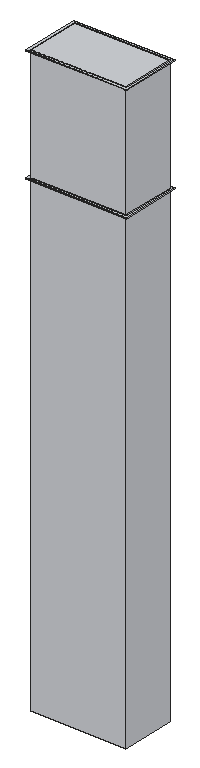
Revit family "Воздушно-тепловая завеса DARKS", category Оборудование, Revit 2022
Family settings
  Размер круглого соединителя = Использовать диаметр
  Тип детали = Нормальный
  На основе рабочей плоскости = Нет
  Всегда вертикально = Нет
  При загрузке вырезать с полостями = Нет
  Сохранять ориентацию аннотаций = Нет
  Общий = Нет
  Точка принадлежности помещению = Нет
Parameters (values of type "DARKS 70-40 N")
  Угол поворота 90° = • : Г-образное
  Угол поворота 0° = • : Вертикальное
  Угол поворота = 361.00°  # constant formula
  Description = ""
  Исполнение [instance] = • : Вертикальное
  Default Elevation = 0 mm
  Type Image = (empty or 0)
  Изготовитель = "WAER"  # constant formula
  Keynote = ""
  Длина фильтра = 242 mm
  Длина нагревателя = 0 mm
  Длина вентилятора = 600 mm
  URL = "https://waer-air.com/"
  ADSK_Ток электронагревателя = 45.1 A
  ADSK_Ток двигателя = 5.9 A
  ADSK_Размер_Ширина = 700 mm
  ADSK_Размер_УголПоворота [instance] = if(Исполнение = Угол поворота 0°, 360.00°, 270.00°)  # 360.00°
  ADSK_Размер_Высота = 400 mm
  ADSK_Полная мощность электронагревателя = ADSK_Напряжение * ADSK_Ток электронагревателя * ADSK_Количество фаз ^ 0.5  # 29683.9 VA
  ADSK_Полная мощность двигателя = ADSK_Напряжение * ADSK_Ток двигателя * ADSK_Количество фаз ^ 0.5  # 3883.26 VA
  ADSK_Номинальная мощность электронагревателя = 30000 W
  ADSK_Номинальная мощность двигателя = 3000 W
  ADSK_Напряжение = 380 V  # constant formula
  ADSK_Наименование краткое = "DARKS 70-40 N"
  ADSK_Наименование = "Воздушно-тепловая завеса DARKS 70-40 N"
  ADSK_Масса_Текст = ""
  ADSK_Масса = 0
  ADSK_Марка = ""
  ADSK_Количество фаз = 3  # constant formula
  ADSK_Количество = 1  # constant formula
  ADSK_Код изделия = ""
  ADSK_Классификация нагрузок = none
  ADSK_Завод-изготовитель = "WAER"  # constant formula
  ADSK_Единица измерения = "шт."  # constant formula
  ADSK_Высота_И2 = Длина фильтра + Длина нагревателя + Длина вентилятора  # 842 mm
  ADSK_Высота_И1 [instance] = 3500 mm
Types (16, lengths in mm): name | Type Image | Длина фильтра | Длина нагревателя | Длина вентилятора | URL | ADSK_Ток электронагревателя | ADSK_Ток двигателя | ADSK_Размер_Ширина | ADSK_Размер_Высота | ADSK_Полная мощность электронагревателя | ADSK_Полная мощность двигателя | ADSK_Номинальная мощность электронагревателя | ADSK_Номинальная мощность двигателя | ADSK_Наименование краткое | ADSK_Наименование | ADSK_Высота_И2
  DARKS 60-30 N | (empty or 0) | 242 | 0 | 498 | "https://waer-air.com/" | 22.6 A | 2.5 A | 600 | 300 | 14874.9 VA | 1645.45 VA | 15000 W | 1100 W | "DARKS 60-30 N" | "Воздушно-тепловая завеса DARKS 60-30 N" | 740
  DARKS 60-30 W2 | (empty or 0) | 242 | 164 | 498 | "https://waer-air.com/" | 22.6 A | 2.5 A | 600 | 300 | 14874.9 VA | 1645.45 VA | 15000 W | 1100 W | "DARKS 60-30 W2" | "Воздушно-тепловая завеса DARKS 60-30 W2" | 904
  DARKS 60-30 E | (empty or 0) | 242 | 630 | 498 | "https://waer-air.com/" | 22.6 A | 2.5 A | 600 | 300 | 14874.9 VA | 1645.45 VA | 15000 W | 1100 W | "DARKS 60-30 E" | "Воздушно-тепловая завеса DARKS 60-30 E" | 1370
  DARKS 60-35 N | (empty or 0) | 242 | 0 | 498 | "https://waer-air.com/" | 33.9 A | 3.45 A | 600 | 350 | 22312.3 VA | 2270.72 VA | 22500 W | 1500 W | "DARKS 60-35 N" | "Воздушно-тепловая завеса DARKS 60-35 N" | 740
  DARKS 60-35 W2 | График подбора воздушной завесы.png | 242 | 164 | 498 | "https://waer-air.com/vozdushno-teplovye-zavesy-darks/" | 33.9 A | 3.45 A | 600 | 350 | 22312.3 VA | 2270.72 VA | 22500 W | 1500 W | "DARKS 60-35 W2" | "Воздушно-тепловая завеса DARKS 60-35 W2" | 904
  DARKS 60-35 E | (empty or 0) | 242 | 630 | 498 | "https://waer-air.com/" | 33.9 A | 3.45 A | 600 | 350 | 22312.3 VA | 2270.72 VA | 22500 W | 1500 W | "DARKS 60-35 E" | "Воздушно-тепловая завеса DARKS 60-35 E" | 1370
  DARKS 70-40S W2 | (empty or 0) | 242 | 164 | 600 | "https://waer-air.com/" | 45.1 A | 3.45 A | 700 | 400 | 29683.9 VA | 2270.72 VA | 30000 W | 1500 W | "DARKS 70-40S W2" | "Воздушно-тепловая завеса DARKS 70-40S W2" | 1006
  DARKS 70-40 N | (empty or 0) | 242 | 0 | 600 | "https://waer-air.com/" | 45.1 A | 5.9 A | 700 | 400 | 29683.9 VA | 3883.26 VA | 30000 W | 3000 W | "DARKS 70-40 N" | "Воздушно-тепловая завеса DARKS 70-40 N" | 842
  DARKS 70-40 W2 | (empty or 0) | 242 | 164 | 600 | "https://waer-air.com/" | 45.1 A | 5.9 A | 700 | 400 | 29683.9 VA | 3883.26 VA | 30000 W | 3000 W | "DARKS 70-40 W2" | "Воздушно-тепловая завеса DARKS 70-40 W2" | 1006
  DARKS 70-40 E | (empty or 0) | 242 | 630 | 600 | "https://waer-air.com/" | 45.1 A | 5.9 A | 700 | 400 | 29683.9 VA | 3883.26 VA | 30000 W | 3000 W | "DARKS 70-40 E" | "Воздушно-тепловая завеса DARKS 70-40 E" | 1472
  DARKS 80-50 N | (empty or 0) | 242 | 0 | 635 | "https://waer-air.com/" | 45.1 A | 5.9 A | 800 | 500 | 29683.9 VA | 3883.26 VA | 30000 W | 3000 W | "DARKS 80-50 N" | "Воздушно-тепловая завеса DARKS 80-50 N" | 877
  DARKS 80-50 W2 | (empty or 0) | 242 | 164 | 635 | "https://waer-air.com/" | 45.1 A | 5.9 A | 800 | 500 | 29683.9 VA | 3883.26 VA | 30000 W | 3000 W | "DARKS 80-50 W2" | "Воздушно-тепловая завеса DARKS 80-50 W2" | 1041
  DARKS 80-50 E | (empty or 0) | 242 | 630 | 635 | "https://waer-air.com/" | 45.1 A | 5.9 A | 800 | 500 | 29683.9 VA | 3883.26 VA | 30000 W | 3000 W | "DARKS 80-50 E" | "Воздушно-тепловая завеса DARKS 80-50 E" | 1507
  DARKS 90-50 N | (empty or 0) | 260 | 0 | 650 | "https://waer-air.com/" | 67.6 A | 10.7 A | 900 | 500 | 44492.9 VA | 7042.52 VA | 45000 W | 5500 W | "DARKS 90-50 N" | "Воздушно-тепловая завеса DARKS 90-50 N" | 910
  DARKS 90-50 W2 | (empty or 0) | 260 | 164 | 650 | "https://waer-air.com/" | 67.6 A | 10.7 A | 900 | 500 | 44492.9 VA | 7042.52 VA | 45000 W | 5500 W | "DARKS 90-50 W2" | "Воздушно-тепловая завеса DARKS 90-50 W2" | 1074
  DARKS 90-50 E | (empty or 0) | 260 | 750 | 650 | "https://waer-air.com/" | 67.6 A | 10.7 A | 900 | 500 | 44492.9 VA | 7042.52 VA | 45000 W | 5500 W | "DARKS 90-50 E" | "Воздушно-тепловая завеса DARKS 90-50 E" | 1660
Reference planes
  plane 1 "По центру (Вперед/Назад)": y = 0
  plane 2: z = 0
  plane 3 "По центру (Влево/Вправо)": x = 0
  plane 4: y = -400
  plane 5: x = 350
  plane 6: x = -350
  plane 7: z = 3500
  plane 8: z = 4342
Forms (mm)
  Extrusion 1, solid
    sketch origin (0, 0, 0) x (1, 0, 0) y (0, 1, 0)
      loop
        line (-350, 0) -> (-350, -400) -> (350, -400) -> (350, 0) -> (-350, 0)
    from 0 to 3500
  Sweep 2, solid
    path in 3D
      loop
        line (-350, 0, 3500) -> (-350, -400, 3500) -> (350, -400, 3500) -> (350, 0, 3500) -> (-350, 0, 3500)
    profile origin (0, 0, 3500) x (0, -1, 0) y (0, 0, 1)
      loop
        line (0, 0) -> (-20, 0) -> (-20, -5) -> (0, -5) -> (0, 0)
  Revolve 3, solid
    sketch origin (0, 0, 3500) x (1, 0, 0) y (0, 1, 0)
      loop
        line (-350, 0) -> (-350, -400) -> (350, -400) -> (350, 0) -> (-350, 0)
      axis (400, 0) -> (400, -400)
    angle from 361 <- "Угол поворота" to 360 <- "ADSK_Размер_УголПоворота"
  Extrusion 4, solid
    sketch origin (400, 74.096, 3500) x (-1, 0, 0) y (0, -1, 0)
      loop
        line (750, 474.096) -> (50, 474.096) -> (50, 74.096) -> (750, 74.096) -> (750, 474.096)
    from 0 to 842 <- "ADSK_Высота_И2"
  Sweep 5, solid
    path in 3D
      loop
        line (-350, 0, 4342) -> (-350, -400, 4342) -> (350, -400, 4342) -> (350, 0, 4342) -> (-350, 0, 4342)
    profile origin (0, 0, 4342) x (0, -1, 0) y (0, 0, 1)
      loop
        line (0, 0) -> (-20, 0) -> (-20, -5) -> (0, -5) -> (0, 0)
Lines and regions (mm)
  sketch lines
    curve 1: line (350, 0, 3500) -> (-350, 0, 3500)
    curve 2: line (-350, 0, 3500) -> (-350, -400, 3500)
    curve 3: line (-350, -400, 3500) -> (350, -400, 3500)
    curve 4: line (350, -400, 3500) -> (350, 0, 3500)
    curve 5: line (350, 0, 4342) -> (-350, 0, 4342)
    curve 6: line (350, -400, 4342) -> (350, 0, 4342)
    curve 7: line (-350, -400, 4342) -> (350, -400, 4342)
    curve 8: line (-350, 0, 4342) -> (-350, -400, 4342)
Dimensions and locks
  equal spacing: plane 6, plane 3 "По центру (Влево/Вправо)", plane 5
  "ADSK_Размер_Ширина": plane 6 to plane 5
  "ADSK_Высота_И1": plane 7 to plane 2
  "ADSK_Высота_И2": plane 8 to plane 7
  "ADSK_Размер_Высота": plane 4 to plane 1 "По центру (Вперед/Назад)"
  locked: plane 5 to Revolve 3 sketch curve at 50
  aligned and locked: level to plane 2
  aligned and locked: plane 6 to Extrusion 1 sketch curve
  aligned and locked: plane 4 to Extrusion 1 sketch curve
  aligned and locked: Extrusion 1 sketch curve to plane 5
  aligned and locked: plane 7 to Extrusion 1
  aligned and locked: plane 1 "По центру (Вперед/Назад)" to Extrusion 1 sketch curve
  aligned and locked: Revolve 3 sketch curve to Extrusion 1  (x4)
  aligned and locked: Extrusion 4 sketch curve to Revolve 3  (x4)
Automatic sketch dimensions
  Sweep 2 sketch curve to profile plane = 0 mm  (x2)
  Sweep 2 sketch curve to profile plane = 5 mm
  profile plane to Sweep 2 sketch curve = 20 mm
  Extrusion 1 to Revolve 3 sketch curve = 105.904 mm
  Extrusion 1 to Revolve 3 sketch curve = 74.096 mm
  Sweep 5 sketch curve to profile plane = 0 mm  (x2)
  Sweep 5 sketch curve to profile plane = 5 mm
  profile plane to Sweep 5 sketch curve = 20 mm
Connectors
  hvac at (0, -200, 4342), driven by "ADSK_Размер_Ширина", driven by "ADSK_Размер_Высота"
    settings: on Extrusion 4, index 1, duct flow 0.0 L/s, flow factor 0, pres drop 0.0 Pa, loss coef 0, conn angle 0.00°, conn width 400 mm, conn height 700 mm, conn diameter 609.6 mm, duct sys type 1, conn prof type 1, flow config 0, flow direction 1, loss method 0, conn ref index -1, conn util no, is conn primary yes, conn desc ""
  electrical at (0, -400, 3921)
    settings: on Extrusion 4, index 2, voltage 0 V, apparent load 0 VA, apparent load phase1 0 VA, apparent load phase2 0 VA, apparent load phase3 0 VA, power factor 1, load classification "Прочее", number of poles 1, system type 14, power factor state 1, is connector primary yes, connector utility no, sub classification motor no, connector description ""
